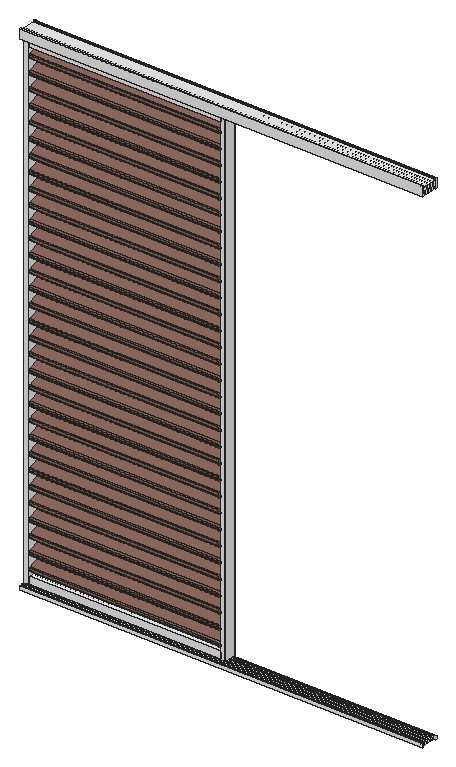
Revit family "Verano_V755_Nova_GM_R21", category Generic Models, Revit 2021
Family settings
  Can host rebar = No
  Round Connector Dimension = Use Diameter
  Part Type = Normal
  Work Plane-Based = No
  Always vertical = Yes
  Cut with Voids When Loaded = No
  Shared = No
  Room Calculation Point = No
Parameters (values of type "Wooden slats")
  Wooden Slats = yes
  Width [instance] = Overall Width Constraint  # 2000 mm
  URL = "www.verano.nl"
  Slat Material [instance] = V_Wood
  Panel Width Constraint [instance] = if(Panel Width < Minimal Panel Width, Minimal Panel Width, if(Panel Width > Maximal Panel Width, Maximal Panel Width, Panel Width))  # 1000 mm
  Panel Width [instance] = 1000 mm
  End Panel Center Offset [instance] = if(CLOSED, Overall Width Constraint - Panel Center Offset Constraint, Panel Center Offset Constraint)  # 500 mm
  Panel Center Offset Constraint [instance] = Panel Width Constraint / 2  # 500 mm
  Overall Width Input [instance] = 2000 mm
  Overall Width Constraint [instance] = Overall Width Input  # 2000 mm
  Overall Height Constraint [instance] = if(Input Height < Minimal Overall Height, Minimal Overall Height, if(Input Height > Maximal Overall Height, Maximal Overall Height, Input Height))  # 2500 mm
  Number of Fields [instance] = (Input Height - 134 mm) / 50 mm  # 47
  Model = "V755 Nova"
  Minimal Panel Width [instance] = 600 mm  # constant formula
  Minimal Overall Height [instance] = 1000 mm  # constant formula
  Maximal Panel Width [instance] = if(Aluminum Slats Angled, 1400 mm, 1100 mm)  # 1100 mm
  Maximal Overall Height [instance] = 3000 mm  # constant formula
  Manufacturer = "Verano Systems"
  Input Height [instance] = 2500 mm
  Height [instance] = Overall Height Constraint  # 2500 mm
  Frame Material [instance] = V_RAL 9016
  Default Elevation = 0 mm
  CLOSED [instance] = no
  Bottom Offset [instance] = 24 mm  # constant formula
  Aluminum Slats Angled = no
  Frame Height [instance] = Overall Height Constraint - 75 mm  # 2425 mm
  6 Track [instance] = no
  4 Track [instance] = not([6 Track])  # yes
  6 Track, Wooden Slats [instance] = if(and([6 Track], Wooden Slats), 1 = 1, 1 = 0)  # no
  6 Track, Al Slats Angled [instance] = if(and([6 Track], Aluminum Slats Angled), 1 = 1, 1 = 0)  # no
Types (2, lengths in mm): name | Wooden Slats | Maximal Panel Width | Aluminum Slats Angled
  Aluminium slats beveled | no | 1400 | yes
  Wooden slats | yes | 1100 | no
Reference planes
  plane 1 "Center (Front/Back)": y = 0
  plane 2: z = 0
  plane 3 "Center (Left/Right)": x = 0
  plane 4: x = 1000
  plane 5: x = -1000
  plane 6: z = 2500
  plane 7: y = -34
  plane 8: y = -110
  plane 9: x = -500
  plane 10: x = 500
Dimensions and locks
  equal spacing: plane 5, plane 3 "Center (Left/Right)", plane 4
  "Overall Width Constraint": plane 5 to plane 4
  "Overall Height Constraint": plane 6 to level
  locked: plane 7 to plane 1 "Center (Front/Back)" at 34
  locked: plane 8 to plane 7 at 76
  "Panel Center Offset Constraint": plane 5 to plane 9
  "End Panel Center Offset": plane 10 to plane 4
  nested 4 to nested 4 = 2425 mm
  aligned and locked: level to plane 2
  aligned and locked: plane 9 to nested 5
  aligned and locked: plane 9 to nested 3
  aligned and locked: plane 10 to nested 6
  aligned and locked: plane 10 to nested 4
  aligned and locked: plane 7 to nested 3
  aligned and locked: plane 8 to nested 4
  aligned and locked: plane 7 to nested 5
  aligned and locked: plane 8 to nested 6
Nested families
  nested 1: "Top Guides_GM" at (0, 0, 2500), built-in parameter 1001360 <- "Overall Height Constraint", type "Top Guides_GM"
    with 6 Track no
  nested 2: "Bottom Guides" at (0, 0, 0), type "Bottom Guides"
    with 6 Track no
  nested 3: "Sliding Frame_aluminium slats angled" at (-500, -34, 24), visible <- "Aluminum Slats Angled", type "Sliding Frame_aluminium slats angled"
  nested 4: "Sliding Frame_aluminium slats angled" at (500, -110, 24), visible <- "6 Track, Al Slats Angled", built-in parameter 1001364 <- "Bottom Offset", type "Sliding Frame_aluminium slats angled"
  nested 5: "Sliding Frame_Wooden Slats" at (-500, -34, 24), visible <- "Wooden Slats", built-in parameter 1001364 <- "Bottom Offset", type "Sliding Frame_Wooden Slats"
  nested 6: "Sliding Frame_Wooden Slats" at (500, -110, 24), visible <- "6 Track, Wooden Slats", built-in parameter 1001364 <- "Bottom Offset", type "Sliding Frame_Wooden Slats"
Definition of nested family "Top Guides_GM"
  Parameters
    Length = 2000 mm
    Frame Material = none
    Default Elevation = 0 mm
    6 Track = yes
    4 Track = yes
  Reference planes
    plane 1 "Center (Front/Back)": y = 0
    plane 2: z = 0
    plane 3 "Center (Left/Right)": x = 0
    plane 4: x = 1000
    plane 5: x = -1000
  Forms (mm)
    Extrusion 1, solid, material <- "Frame Material", visible <- "6 Track"
      sketch origin (0, 0, 0) x (0, 1, 0) y (0, 0, 1)
        loop
          line (125, 0) -> (120.8, 0) -> (120.8, -1.5) -> (122.8, -1.5) -> (122.8, -7) -> (2.2, -7) -> (2.2, -1.5) -> (4.2, -1.5) -> (4.2, 0) -> (0, 0) -> (0, -46) -> (7.5, -46) -> (7.5, -43.9) -> (6.4, -43.9) -> (6.4, -44.9) -> (2.2, -44.9) -> (2.2, -39.65) -> (6.4, -39.65) -> (6.4, -40.65) -> (7.5, -40.65) -> (7.5, -38.55) -> (2.2, -38.55) -> (2.2, -9.5) -> (23.6, -9.5) -> (23.6, -32.2) -> (22.5, -32.2) -> (22.5, -40.65) -> (23.6, -40.65) -> (23.6, -39.65) -> (24.9, -39.65) -> (24.9, -44.9) -> (23.6, -44.9) -> (23.6, -43.9) -> (22.5, -43.9) -> (22.5, -46) -> (26.5, -46) -> (26.5, -37.55) -> (25.4, -37.55) -> (25.4, -38.55) -> (24.1, -38.55) -> (24.1, -33.3) -> (25.4, -33.3) -> (25.4, -34.3) -> (26.5, -34.3) -> (26.5, -32.2) -> (25.4, -32.2) -> (25.4, -9.5) -> (42.6, -9.5) -> (42.6, -32.2) -> (41.5, -32.2) -> (41.5, -40.65) -> (42.6, -40.65) -> (42.6, -39.65) -> (43.9, -39.65) -> (43.9, -44.9) -> (42.6, -44.9) -> (42.6, -43.9) -> (41.5, -43.9) -> (41.5, -46) -> (45.5, -46) -> (45.5, -37.55) -> (44.4, -37.55) -> (44.4, -38.55) -> (43.1, -38.55) -> (43.1, -33.3) -> (44.4, -33.3) -> (44.4, -34.3) -> (45.5, -34.3) -> (45.5, -32.2) -> (44.4, -32.2) -> (44.4, -9.5) -> (61.6, -9.5) -> (61.6, -32.2) -> (60.5, -32.2) -> (60.5, -40.65) -> (61.6, -40.65) -> (61.6, -39.65) -> (62.9, -39.65) -> (62.9, -44.9) -> (61.6, -44.9) -> (61.6, -43.9) -> (60.5, -43.9) -> (60.5, -46) -> (64.5, -46) -> (64.5, -37.55) -> (63.4, -37.55) -> (63.4, -38.55) -> (62.1, -38.55) -> (62.1, -33.3) -> (63.4, -33.3) -> (63.4, -34.3) -> (64.5, -34.3) -> (64.5, -32.2) -> (63.4, -32.2) -> (63.4, -9.5) -> (80.6, -9.5) -> (80.6, -32.2) -> (79.5, -32.2) -> (79.5, -40.65) -> (80.6, -40.65) -> (80.6, -39.65) -> (81.9, -39.65) -> (81.9, -44.9) -> (80.6, -44.9) -> (80.6, -43.9) -> (79.5, -43.9) -> (79.5, -46) -> (83.5, -46) -> (83.5, -37.55) -> (82.4, -37.55) -> (82.4, -38.55) -> (81.1, -38.55) -> (81.1, -33.3) -> (82.4, -33.3) -> (82.4, -34.3) -> (83.5, -34.3) -> (83.5, -32.2) -> (82.4, -32.2) -> (82.4, -9.5) -> (99.6, -9.5) -> (99.6, -32.2) -> (98.5, -32.2) -> (98.5, -40.65) -> (99.6, -40.65) -> (99.6, -39.65) -> (100.9, -39.65) -> (100.9, -44.9) -> (99.6, -44.9) -> (99.6, -43.9) -> (98.5, -43.9) -> (98.5, -46) -> (102.5, -46) -> (102.5, -37.55) -> (101.4, -37.55) -> (101.4, -38.55) -> (100.1, -38.55) -> (100.1, -33.3) -> (101.4, -33.3) -> (101.4, -34.3) -> (102.5, -34.3) -> (102.5, -32.2) -> (101.4, -32.2) -> (101.4, -9.5) -> (122.8, -9.5) -> (122.8, -38.55) -> (117.5, -38.55) -> (117.5, -40.65) -> (118.6, -40.65) -> (118.6, -39.65) -> (122.8, -39.65) -> (122.8, -44.9) -> (118.6, -44.9) -> (118.6, -43.9) -> (117.5, -43.9) -> (117.5, -46) -> (125, -46) -> (125, 0)
      from -1000 to 1000
    Extrusion 2, solid, material <- "Frame Material", visible <- "4 Track"
      sketch origin (0, 0, 0) x (0, 1, 0) y (0, 0, 1)
        loop
          line (2.2, -7) -> (2.2, -1.5) -> (4.2, -1.5) -> (4.2, 0) -> (0, 0) -> (0, -46) -> (7.5, -46) -> (7.5, -43.9) -> (6.4, -43.9) -> (6.4, -44.9) -> (2.2, -44.9) -> (2.2, -39.65) -> (6.4, -39.65) -> (6.4, -40.65) -> (7.5, -40.65) -> (7.5, -38.55) -> (2.2, -38.55) -> (2.2, -9.5) -> (23.6, -9.5) -> (23.6, -32.2) -> (22.5, -32.2) -> (22.5, -40.65) -> (23.6, -40.65) -> (23.6, -39.65) -> (24.9, -39.65) -> (24.9, -44.9) -> (23.6, -44.9) -> (23.6, -43.9) -> (22.5, -43.9) -> (22.5, -46) -> (26.5, -46) -> (26.5, -37.55) -> (25.4, -37.55) -> (25.4, -38.55) -> (24.1, -38.55) -> (24.1, -33.3) -> (25.4, -33.3) -> (25.4, -34.3) -> (26.5, -34.3) -> (26.5, -32.2) -> (25.4, -32.2) -> (25.4, -9.5) -> (42.6, -9.5) -> (42.6, -32.2) -> (41.5, -32.2) -> (41.5, -40.65) -> (42.6, -40.65) -> (42.6, -39.65) -> (43.9, -39.65) -> (43.9, -44.9) -> (42.6, -44.9) -> (42.6, -43.9) -> (41.5, -43.9) -> (41.5, -46) -> (45.5, -46) -> (45.5, -37.55) -> (44.4, -37.55) -> (44.4, -38.55) -> (43.1, -38.55) -> (43.1, -33.3) -> (44.4, -33.3) -> (44.4, -34.3) -> (45.5, -34.3) -> (45.5, -32.2) -> (44.4, -32.2) -> (44.4, -9.5) -> (61.6, -9.5) -> (61.6, -32.2) -> (60.5, -32.2) -> (60.5, -40.65) -> (61.6, -40.65) -> (61.6, -39.65) -> (62.9, -39.65) -> (62.9, -44.9) -> (61.6, -44.9) -> (61.6, -43.9) -> (60.5, -43.9) -> (60.5, -46) -> (64.5, -46) -> (64.5, -37.55) -> (63.4, -37.55) -> (63.4, -38.55) -> (62.1, -38.55) -> (62.1, -33.3) -> (63.4, -33.3) -> (63.4, -34.3) -> (64.5, -34.3) -> (64.5, -32.2) -> (63.4, -32.2) -> (63.4, -9.5) -> (84.8, -9.5) -> (84.8, -38.55) -> (79.5, -38.55) -> (79.5, -40.65) -> (80.6, -40.65) -> (80.6, -39.65) -> (84.8, -39.65) -> (84.8, -44.9) -> (80.6, -44.9) -> (80.6, -43.9) -> (79.5, -43.9) -> (79.5, -46) -> (87, -46) -> (87, 0) -> (82.8, 0) -> (82.8, -1.5) -> (84.8, -1.5) -> (84.8, -7) -> (2.2, -7)
      from -1000 to 1000
  Dimensions and locks
    equal spacing: plane 5, plane 3 "Center (Left/Right)", plane 4
    "Length": plane 5 to plane 4
    aligned and locked: level to plane 2
    aligned and locked: Extrusion 1 to plane 5
    aligned and locked: plane 4 to Extrusion 1
    aligned and locked: Extrusion 2 to plane 5
    aligned and locked: plane 4 to Extrusion 2
  Automatic sketch dimensions
    Extrusion 1 sketch curve to level = 0 mm  (x2)
    Extrusion 1 sketch curve to Extrusion 1 sketch curve = 0 mm  (x25)
    Extrusion 1 sketch curve to Extrusion 1 sketch curve = 0.5 mm  (x10)
    Extrusion 1 sketch curve to Extrusion 1 sketch curve = 1.3 mm  (x12)
    Extrusion 1 sketch curve to level = 9.5 mm  (x6)
    Extrusion 1 sketch curve to Extrusion 1 sketch curve = 1.1 mm  (x49)
    Extrusion 1 sketch curve to Extrusion 1 sketch curve = 15 mm  (x5)
    Extrusion 1 sketch curve to Extrusion 1 sketch curve = 1.6 mm  (x4)
    Extrusion 1 sketch curve to Extrusion 1 sketch curve = 17.2 mm  (x3)
    Extrusion 1 sketch curve to Extrusion 1 sketch curve = 1.8 mm  (x4)
    Extrusion 1 sketch curve to plane 1 "Center (Front/Back)" = 7.5 mm
    Extrusion 1 sketch curve to level = 1.5 mm  (x2)
    Extrusion 1 sketch curve to plane 1 "Center (Front/Back)" = 4.2 mm
    Extrusion 1 sketch curve to plane 1 "Center (Front/Back)" = 2.2 mm  (x4)
    Extrusion 1 sketch curve to Extrusion 1 sketch curve = 2 mm  (x2)
    Extrusion 1 sketch curve to plane 1 "Center (Front/Back)" = 0 mm  (x2)
    Extrusion 1 sketch curve to level = 32.2 mm  (x2)
    Extrusion 1 sketch curve to level = 37.55 mm
    Extrusion 1 sketch curve to level = 7 mm
    Extrusion 1 sketch curve to Extrusion 1 sketch curve = 21.4 mm
    Extrusion 1 sketch curve to Extrusion 1 sketch curve = 2.2 mm  (x2)
    Extrusion 1 sketch curve to Extrusion 1 sketch curve = 9.6 mm
    Extrusion 1 sketch curve to Extrusion 1 sketch curve = 1 mm  (x23)
    Extrusion 1 sketch curve to Extrusion 1 sketch curve = 10.6 mm  (x3)
    Extrusion 1 sketch curve to Extrusion 1 sketch curve = 7.35 mm
    Extrusion 1 sketch curve to Extrusion 1 sketch curve = 3.25 mm  (x7)
    Extrusion 1 sketch curve to Extrusion 1 sketch curve = 2.5 mm
    Extrusion 1 sketch curve to Extrusion 1 sketch curve = 4.2 mm  (x3)
    Extrusion 1 sketch curve to Extrusion 1 sketch curve = 2.1 mm
    Extrusion 1 sketch curve to level = 38.55 mm
    Extrusion 1 sketch curve to level = 39.65 mm
    Extrusion 1 sketch curve to Extrusion 1 sketch curve = 36.5 mm
    Extrusion 2 sketch curve to level = 0 mm  (x2)
    Extrusion 2 sketch curve to plane 1 "Center (Front/Back)" = 0 mm
    Extrusion 2 sketch curve to plane 1 "Center (Front/Back)" = 2.2 mm  (x2)
    Extrusion 2 sketch curve to Extrusion 2 sketch curve = 0 mm  (x15)
    Extrusion 2 sketch curve to Extrusion 2 sketch curve = 2 mm  (x2)
    Extrusion 2 sketch curve to Extrusion 2 sketch curve = 4.2 mm  (x2)
    Extrusion 2 sketch curve to Extrusion 2 sketch curve = 1.1 mm  (x29)
    Extrusion 2 sketch curve to Extrusion 2 sketch curve = 15 mm  (x4)
    Extrusion 2 sketch curve to Extrusion 2 sketch curve = 0.5 mm  (x5)
    Extrusion 2 sketch curve to Extrusion 2 sketch curve = 1.3 mm  (x7)
    Extrusion 2 sketch curve to Extrusion 2 sketch curve = 1.8 mm  (x3)
    Extrusion 2 sketch curve to Extrusion 2 sketch curve = 1.6 mm  (x3)
    Extrusion 2 sketch curve to Extrusion 2 sketch curve = 17.2 mm
    level to Extrusion 2 sketch curve = 0 mm
    Extrusion 2 sketch curve to Extrusion 2 sketch curve = 2.2 mm
    Extrusion 2 sketch curve to level = 1.5 mm  (x2)
    Extrusion 2 sketch curve to Extrusion 2 sketch curve = 1.5 mm
    Extrusion 2 sketch curve to Extrusion 2 sketch curve = 5.5 mm  (x2)
    Extrusion 2 sketch curve to Extrusion 2 sketch curve = 2.5 mm  (x2)
    Extrusion 2 sketch curve to level = 9.5 mm  (x3)
    Extrusion 2 sketch curve to Extrusion 2 sketch curve = 22.7 mm
    Extrusion 2 sketch curve to Extrusion 2 sketch curve = 1 mm  (x17)
    Extrusion 2 sketch curve to Extrusion 2 sketch curve = 3.25 mm  (x8)
    Extrusion 2 sketch curve to Extrusion 2 sketch curve = 6.35 mm
Definition of nested family "Bottom Guides"
  Parameters (values of type "Bottom Guides")
    Length = 2000 mm
    Frame Material = none
    Default Elevation = 0 mm
    6 Track = yes
    4 Track = yes
  Reference planes
    plane 1 "Center (Front/Back)": y = 0
    plane 2: z = 0
    plane 3 "Center (Left/Right)": x = 0
    plane 4: x = 1000
    plane 5: x = -1000
  Forms (mm)
    Extrusion 1, solid, material <- "Frame Material", visible <- "4 Track"
      sketch origin (0, -87.297, 0) x (0, 1, 0) y (0, 0, 1)
        loop
          line (32.75, 9.088) -> (16.25, 8.8) -> (16.25, 16.75) -> (17.5, 16.75) -> (17.5, 18.658)
          arc (17.5, 18.658) -> (15, 20) -> (12.5, 18.658) r 3
          line (12.5, 18.658) -> (12.5, 16.75) -> (13.75, 16.75) -> (13.75, 8.756) -> (2, 8.551) -> (2, 17) -> (0, 17) -> (0, 0) -> (2.25, 0) -> (4.25, 2) -> (2, 2) -> (2, 6.051) -> (85, 7.5) -> (85, 2) -> (82.75, 2) -> (84.75, 0) -> (87.297, 0) -> (87, 17) -> (85.021, 17) -> (85.021, 10) -> (73.25, 9.795) -> (73.25, 16.75) -> (74.5, 16.75) -> (74.5, 18.658)
          arc (74.5, 18.658) -> (72, 20) -> (69.5, 18.658) r 3
          line (69.5, 18.658) -> (69.5, 16.75) -> (70.75, 16.75) -> (70.75, 9.751) -> (54.25, 9.463) -> (54.25, 16.75) -> (55.5, 16.75) -> (55.5, 18.658)
          arc (55.5, 18.658) -> (53, 20) -> (50.5, 18.658) r 3
          line (50.5, 18.658) -> (50.5, 16.75) -> (51.75, 16.75) -> (51.75, 9.42) -> (35.25, 9.132) -> (35.25, 16.75) -> (36.5, 16.75) -> (36.5, 18.658)
          arc (36.5, 18.658) -> (34, 20) -> (31.5, 18.658) r 3
          line (31.5, 18.658) -> (31.5, 16.75) -> (32.75, 16.75) -> (32.75, 9.088)
      from -1000 to 1000
    Extrusion 2, solid, material <- "Frame Material", visible <- "6 Track"
      sketch origin (0, -125.197, 0) x (0, 1, 0) y (0, 0, 1)
        loop
          line (123, 10) -> (111.25, 9.795) -> (111.25, 16.75) -> (112.5, 16.75) -> (112.5, 18.658)
          arc (112.5, 18.658) -> (110, 20) -> (107.5, 18.658) r 3
          line (107.5, 18.658) -> (107.5, 16.75) -> (108.75, 16.75) -> (108.75, 9.751) -> (92.25, 9.463) -> (92.25, 16.75) -> (93.5, 16.75) -> (93.5, 18.658)
          arc (93.5, 18.658) -> (91, 20) -> (88.5, 18.658) r 3
          line (88.5, 18.658) -> (88.5, 16.75) -> (89.75, 16.75) -> (89.75, 9.42) -> (73.25, 9.132) -> (73.25, 16.75) -> (74.5, 16.75) -> (74.5, 18.658)
          arc (74.5, 18.658) -> (72, 20) -> (69.5, 18.658) r 3
          line (69.5, 18.658) -> (69.5, 16.75) -> (70.75, 16.75) -> (70.75, 9.088) -> (54.25, 8.8) -> (54.25, 16.75) -> (55.5, 16.75) -> (55.5, 18.658)
          arc (55.5, 18.658) -> (53, 20) -> (50.5, 18.658) r 3
          line (50.5, 18.658) -> (50.5, 16.75) -> (51.75, 16.75) -> (51.75, 8.756) -> (35.25, 8.468) -> (35.25, 16.75) -> (36.5, 16.75) -> (36.5, 18.658)
          arc (36.5, 18.658) -> (34, 20) -> (31.5, 18.658) r 3
          line (31.5, 18.658) -> (31.5, 16.75) -> (32.75, 16.75) -> (32.75, 8.425) -> (16.25, 8.137) -> (16.25, 16.75) -> (17.5, 16.75) -> (17.5, 18.658)
          arc (17.5, 18.658) -> (15, 20) -> (12.5, 18.658) r 3
          line (12.5, 18.658) -> (12.5, 16.75) -> (13.75, 16.75) -> (13.75, 8.093) -> (2, 7.888) -> (2, 17) -> (0, 17) -> (0, 0.009) -> (2.25, 0.009) -> (4.25, 2.009) -> (2, 2.009) -> (2, 5.388) -> (123, 7.5) -> (123, 2) -> (120.75, 2) -> (122.75, 0) -> (125.197, 0) -> (124.9, 17) -> (123, 17) -> (123, 10)
      from -1000 to 1000
  Dimensions and locks
    equal spacing: plane 5, plane 3 "Center (Left/Right)", plane 4
    "Length": plane 5 to plane 4
    aligned and locked: level to plane 2
    aligned and locked: Extrusion 1 to plane 5
    aligned and locked: plane 4 to Extrusion 1
    aligned and locked: Extrusion 2 to plane 5
    aligned and locked: plane 4 to Extrusion 2
  Automatic sketch dimensions
    Extrusion 1 sketch curve to level = 0 mm  (x2)
    plane 1 "Center (Front/Back)" to Extrusion 1 sketch curve = 87.297 mm  (x2)
    plane 1 "Center (Front/Back)" to Extrusion 1 sketch curve = 85.297 mm  (x2)
    Extrusion 1 sketch curve to Extrusion 1 sketch curve = 0.25 mm  (x6)
    Extrusion 1 sketch curve to Extrusion 1 sketch curve = 2.25 mm
    Extrusion 1 sketch curve to Extrusion 1 sketch curve = 10.5 mm
    Extrusion 1 sketch curve to Extrusion 1 sketch curve = 1.25 mm  (x16)
    Extrusion 1 sketch curve to Extrusion 1 sketch curve = 0 mm  (x8)
    Extrusion 1 sketch curve to Extrusion 1 sketch curve = 2.5 mm  (x4)
    Extrusion 1 sketch curve to Extrusion 1 sketch curve = 14 mm  (x3)
    level to Extrusion 1 sketch curve = 9.463 mm
    level to Extrusion 1 sketch curve = 16.75 mm  (x2)
    level to Extrusion 1 sketch curve = 18.658 mm  (x2)
    level to Extrusion 1 sketch curve = 9.751 mm
    level to Extrusion 1 sketch curve = 9.795 mm
    level to Extrusion 1 sketch curve = 2 mm  (x2)
    Extrusion 1 sketch curve to Extrusion 1 sketch curve = 9.5 mm
    Extrusion 1 sketch curve to Extrusion 1 sketch curve = 2 mm
    level to Extrusion 1 sketch curve = 7.5 mm
    level to Extrusion 1 sketch curve = 10 mm
    Extrusion 1 sketch curve to Extrusion 1 sketch curve = 0.021 mm
    Extrusion 1 sketch curve to Extrusion 1 sketch curve = 2.547 mm
    Extrusion 1 sketch curve to Extrusion 1 sketch curve = 4.051 mm
    level to Extrusion 1 sketch curve = 8.756 mm
    Extrusion 1 sketch curve to Extrusion 1 sketch curve = 0.044 mm  (x3)
    level to Extrusion 1 sketch curve = 9.088 mm
    Extrusion 1 sketch curve to Extrusion 1 sketch curve = 7.994 mm
    Extrusion 1 sketch curve to Extrusion 1 sketch curve = 7.662 mm
    Extrusion 1 sketch curve to Extrusion 1 sketch curve = 7.287 mm
    Extrusion 1 sketch curve to Extrusion 1 sketch curve = 8.449 mm
    Extrusion 1 sketch curve to Extrusion 1 sketch curve = 1.908 mm  (x3)
    Extrusion 1 sketch curve to Extrusion 1 sketch curve = 1.979 mm
    Extrusion 1 sketch curve to Extrusion 1 sketch curve = 7 mm
    plane 1 "Center (Front/Back)" to Extrusion 2 sketch curve = 125.197 mm  (x2)
    plane 1 "Center (Front/Back)" to Extrusion 2 sketch curve = 123.197 mm  (x2)
    level to Extrusion 2 sketch curve = 0.009 mm
    Extrusion 2 sketch curve to Extrusion 2 sketch curve = 0.25 mm  (x8)
    level to Extrusion 2 sketch curve = 2.009 mm
    Extrusion 2 sketch curve to Extrusion 2 sketch curve = 2.25 mm  (x2)
    Extrusion 2 sketch curve to Extrusion 2 sketch curve = 10.5 mm  (x2)
    Extrusion 2 sketch curve to Extrusion 2 sketch curve = 1.25 mm  (x23)
    Extrusion 2 sketch curve to Extrusion 2 sketch curve = 2.5 mm  (x14)
    Extrusion 2 sketch curve to Extrusion 2 sketch curve = 14 mm  (x5)
    level to Extrusion 2 sketch curve = 8.425 mm
    level to Extrusion 2 sketch curve = 8.468 mm
    level to Extrusion 2 sketch curve = 18.658 mm  (x4)
    level to Extrusion 2 sketch curve = 8.756 mm
    level to Extrusion 2 sketch curve = 9.132 mm
    level to Extrusion 2 sketch curve = 9.42 mm
    level to Extrusion 2 sketch curve = 9.463 mm
    level to Extrusion 2 sketch curve = 9.751 mm
    level to Extrusion 2 sketch curve = 9.795 mm
    level to Extrusion 2 sketch curve = 2 mm
    Extrusion 2 sketch curve to Extrusion 2 sketch curve = 9.5 mm
    Extrusion 2 sketch curve to level = 0 mm
    Extrusion 2 sketch curve to Extrusion 2 sketch curve = 2 mm
    level to Extrusion 2 sketch curve = 7.5 mm
    level to Extrusion 2 sketch curve = 10 mm
    Extrusion 2 sketch curve to Extrusion 2 sketch curve = 0 mm  (x4)
    level to Extrusion 2 sketch curve = 17 mm
    Extrusion 2 sketch curve to Extrusion 2 sketch curve = 1.9 mm
    Extrusion 2 sketch curve to Extrusion 2 sketch curve = 2.447 mm
    Extrusion 2 sketch curve to Extrusion 2 sketch curve = 3.379 mm
    level to Extrusion 2 sketch curve = 8.093 mm
    Extrusion 2 sketch curve to Extrusion 2 sketch curve = 0.044 mm  (x3)
    Extrusion 2 sketch curve to Extrusion 2 sketch curve = 1.658 mm  (x6)
    Extrusion 2 sketch curve to Extrusion 2 sketch curve = 8.2 mm
    Extrusion 2 sketch curve to Extrusion 2 sketch curve = 9.112 mm
    Extrusion 2 sketch curve to Extrusion 2 sketch curve = 8.863 mm
    level to Extrusion 2 sketch curve = 16.75 mm  (x7)
    Extrusion 2 sketch curve to Extrusion 2 sketch curve = 1.908 mm
Definition of nested family "Sliding Frame_aluminium slats angled"
  Parameters (values of type "Sliding Frame_aluminium slats angled")
    Width = 1000 mm
    Slat Number Constraint = if(Number of Slats < Minimal Number of Slats, Minimal Number of Slats, if(Number of Slats > Maximal Number of Slats, Maximal Number of Slats, Number of Slats))  # 30
    Slat Distance = 78 mm  # constant formula
    Number of Slats = (Frame Height - 2 * Slat Distance) / Slat Distance + 1  # 30
    Number of Fields = Number of Slats + 1  # 31
    Minimal Number of Slats = 12  # constant formula
    Maximal Number of Slats = 52  # constant formula
    Horizontal Profile Length = Width - 2 * 23 mm  # 954 mm
    Frame Material = none
    Frame Height = 2425 mm
    Default Elevation = 0 mm
    Bottom Slat Offset = 78 mm  # constant formula
  Reference planes
    plane 1 "Center (Front/Back)": y = 0
    plane 2: z = 0
    plane 3 "Center (Left/Right)": x = 0
    plane 4: x = 500
    plane 5: x = -500
    plane 6: z = 2425
    plane 7: z = 78
    plane 8: z = 2353
    plane 9: z = 156
  Dimensions and locks
    equal spacing: plane 5, plane 3 "Center (Left/Right)", plane 4
    "Width": plane 5 to plane 4
    "Frame Height": plane 6 to level
    "Bottom Slat Offset": plane 7 to level
    equal spacing: group 1, group 2, group 3, group 4, group 5, group 6, group 7, group 8, group 9, group 10, group 11, group 12, group 13, group 14, group 15, group 16, group 17, group 18, group 19, group 20, group 21, group 22, group 23, group 24, group 25, group 26, group 27, group 28, group 29, group 30  (x3)
    "Slat Distance": plane 9 to plane 7
    aligned and locked: level to plane 2
    aligned and locked: plane 1 "Center (Front/Back)" to nested 1
    aligned and locked: plane 5 to nested 1
    aligned and locked: nested 2 to plane 1 "Center (Front/Back)"
    aligned and locked: plane 4 to nested 2
    aligned and locked: plane 3 "Center (Left/Right)" to nested 3
    aligned and locked: plane 1 "Center (Front/Back)" to nested 3
    aligned and locked: plane 3 "Center (Left/Right)" to nested 4
    aligned and locked: plane 1 "Center (Front/Back)" to nested 4
    aligned and locked: plane 7 to nested 5
    aligned and locked: plane 1 "Center (Front/Back)" to nested 5
    aligned and locked: plane 3 "Center (Left/Right)" to nested 5
    aligned and locked: plane 3 "Center (Left/Right)" to nested 6
    aligned and locked: plane 9 to nested 6
  Nested families
    nested 1: "Vertical Profile" at (-500, 0, 0), type "Vertical Profile"
      with Length 2425 mm
    nested 2: "Vertical Profile" at (500, 0, 0) x (-1, 0, 0) z (0, 0, 1), type "Vertical Profile"
      with Length 2425 mm
    nested 3: "Horizontal Profile_Bottom" at (0, 0, 0), type "Horizontal Profile_Bottom"
      with Length 954 mm
    nested 4: "Horizontal Profile_Top" at (0, 0, 2425), built-in parameter 1001364 <- "Frame Height", type "Horizontal Profile_Top"
      with Length 954 mm
    nested 5: "Aluminium Slats Angled" at (0, 0, 78), type "Aluminium Slats Angled"
    nested 6: "Aluminium Slats Angled" at (0, 0, 156), type "Aluminium Slats Angled"
    nested 7: "Aluminium Slats Angled" at (0, 0, 234), type "Aluminium Slats Angled"
    nested 8: "Aluminium Slats Angled" at (0, 0, 312), type "Aluminium Slats Angled"
    nested 9: "Aluminium Slats Angled" at (0, 0, 390), type "Aluminium Slats Angled"
    nested 10: "Aluminium Slats Angled" at (0, 0, 468), type "Aluminium Slats Angled"
    nested 11: "Aluminium Slats Angled" at (0, 0, 546), type "Aluminium Slats Angled"
    nested 12: "Aluminium Slats Angled" at (0, 0, 624), type "Aluminium Slats Angled"
    nested 13: "Aluminium Slats Angled" at (0, 0, 702), type "Aluminium Slats Angled"
    nested 14: "Aluminium Slats Angled" at (0, 0, 780), type "Aluminium Slats Angled"
    nested 15: "Aluminium Slats Angled" at (0, 0, 858), type "Aluminium Slats Angled"
    nested 16: "Aluminium Slats Angled" at (0, 0, 936), type "Aluminium Slats Angled"
    nested 17: "Aluminium Slats Angled" at (0, 0, 1014), type "Aluminium Slats Angled"
    nested 18: "Aluminium Slats Angled" at (0, 0, 1092), type "Aluminium Slats Angled"
    nested 19: "Aluminium Slats Angled" at (0, 0, 1170), type "Aluminium Slats Angled"
    nested 20: "Aluminium Slats Angled" at (0, 0, 1248), type "Aluminium Slats Angled"
    nested 21: "Aluminium Slats Angled" at (0, 0, 1326), type "Aluminium Slats Angled"
    nested 22: "Aluminium Slats Angled" at (0, 0, 1404), type "Aluminium Slats Angled"
    nested 23: "Aluminium Slats Angled" at (0, 0, 1482), type "Aluminium Slats Angled"
    nested 24: "Aluminium Slats Angled" at (0, 0, 1560), type "Aluminium Slats Angled"
    nested 25: "Aluminium Slats Angled" at (0, 0, 1638), type "Aluminium Slats Angled"
    nested 26: "Aluminium Slats Angled" at (0, 0, 1716), type "Aluminium Slats Angled"
    nested 27: "Aluminium Slats Angled" at (0, 0, 1794), type "Aluminium Slats Angled"
    nested 28: "Aluminium Slats Angled" at (0, 0, 1872), type "Aluminium Slats Angled"
    nested 29: "Aluminium Slats Angled" at (0, 0, 1950), type "Aluminium Slats Angled"
    nested 30: "Aluminium Slats Angled" at (0, 0, 2028), type "Aluminium Slats Angled"
    nested 31: "Aluminium Slats Angled" at (0, 0, 2106), type "Aluminium Slats Angled"
    nested 32: "Aluminium Slats Angled" at (0, 0, 2184), type "Aluminium Slats Angled"
    nested 33: "Aluminium Slats Angled" at (0, 0, 2262), type "Aluminium Slats Angled"
    nested 34: "Aluminium Slats Angled" at (0, 0, 2340), type "Aluminium Slats Angled"
  Definition of nested family "Vertical Profile"
    Parameters
      Length = 250 mm
      Frame Material = none
      Default Elevation = 0 mm
    Reference planes
      plane 1 "Center (Front/Back)": y = 0
      plane 2: z = 0
      plane 3 "Center (Left/Right)": x = 0
    Forms (mm)
      Extrusion 1, solid, material <- "Frame Material"
        sketch origin (0, 0, 0) x (1, 0, 0) y (0, 1, 0)
          loop
            line (22.517, 30.056) -> (0.017, 30.056) -> (0.017, 28.063) -> (1.8, 27.748) -> (1.8, 26.718) -> (0, 26.561) -> (0, -26.561) -> (1.8, -26.718) -> (1.8, -27.637) -> (0.017, -27.952) -> (0.017, -29.944) -> (22.517, -29.944) -> (22.517, 30.056)
        from 0 to 250 <- "Length"
    Dimensions and locks
      aligned and locked: level to plane 2
  Definition of nested family "Horizontal Profile_Bottom"
    Parameters
      Length = 600 mm
      Frame Material = none
      Default Elevation = 0 mm
    Reference planes
      plane 1 "Center (Front/Back)": y = 0
      plane 2: z = 0
      plane 3 "Center (Left/Right)": x = 0
      plane 4: x = -300
      plane 5: x = 300
    Forms (mm)
      Extrusion 1, solid, material <- "Frame Material"
        sketch origin (0, 0, 0) x (0, 1, 0) y (0, 0, 1)
          loop
            line (27, 35) -> (-27, 35) -> (-27, 0) -> (-7.975, 0) -> (-7.975, -5.8) -> (-6.375, -5.8) -> (-6.375, 0.7) -> (-4.25, 0.7) -> (-4.25, 2.5) -> (-6.375, 2.5) -> (-6.375, 28.4) -> (-7.7, 28.4) -> (-7.7, 32.4) -> (-3.5, 32.4) -> (-3.5, 31) -> (3.5, 31) -> (3.5, 32.4) -> (7.7, 32.4) -> (7.7, 28.4) -> (6.375, 28.4) -> (6.375, 2.5) -> (4.25, 2.5) -> (4.25, 0.7) -> (6.375, 0.7) -> (6.375, -5.8) -> (7.975, -5.8) -> (7.975, 0) -> (27, 0) -> (27, 35)
        from -300 to 300
    Dimensions and locks
      equal spacing: plane 4, plane 3 "Center (Left/Right)", plane 5
      "Length": plane 4 to plane 5
      aligned and locked: level to plane 2
      aligned and locked: Extrusion 1 to plane 4
      aligned and locked: plane 5 to Extrusion 1
    Automatic sketch dimensions
      Extrusion 1 sketch curve to level = 0 mm  (x2)
      plane 1 "Center (Front/Back)" to Extrusion 1 sketch curve = 27 mm
      level to Extrusion 1 sketch curve = 0 mm
      plane 1 "Center (Front/Back)" to Extrusion 1 sketch curve = 7.975 mm
      plane 1 "Center (Front/Back)" to Extrusion 1 sketch curve = 7.7 mm
      Extrusion 1 sketch curve to Extrusion 1 sketch curve = 1.6 mm  (x2)
      Extrusion 1 sketch curve to Extrusion 1 sketch curve = 0 mm  (x3)
      Extrusion 1 sketch curve to Extrusion 1 sketch curve = 2.125 mm
      plane 1 "Center (Front/Back)" to Extrusion 1 sketch curve = 3.5 mm
      Extrusion 1 sketch curve to plane 1 "Center (Front/Back)" = 3.5 mm
      Extrusion 1 sketch curve to plane 1 "Center (Front/Back)" = 4.25 mm
      Extrusion 1 sketch curve to Extrusion 1 sketch curve = 2.875 mm
      level to Extrusion 1 sketch curve = 0.7 mm  (x2)
      Extrusion 1 sketch curve to Extrusion 1 sketch curve = 1.325 mm
      Extrusion 1 sketch curve to Extrusion 1 sketch curve = 19.025 mm
      Extrusion 1 sketch curve to Extrusion 1 sketch curve = 19.3 mm
      Extrusion 1 sketch curve to level = 5.8 mm  (x2)
      Extrusion 1 sketch curve to Extrusion 1 sketch curve = 1.8 mm  (x2)
      Extrusion 1 sketch curve to Extrusion 1 sketch curve = 25.9 mm
      Extrusion 1 sketch curve to Extrusion 1 sketch curve = 2.6 mm  (x3)
      Extrusion 1 sketch curve to Extrusion 1 sketch curve = 4 mm  (x2)
  Definition of nested family "Horizontal Profile_Top"
    Parameters
      Length = 600 mm
      Frame Material = none
      Default Elevation = 0 mm
    Reference planes
      plane 1 "Center (Front/Back)": y = 0
      plane 2: z = 0
      plane 3 "Center (Left/Right)": x = 0
      plane 4: x = -300
      plane 5: x = 300
    Forms (mm)
      Extrusion 1, solid, material <- "Frame Material"
        sketch origin (0, 0, 0) x (0, 1, 0) y (0, 0, 1)
          loop
            line (27, 0) -> (4, 0) -> (4, 18) -> (2.2, 18) -> (2.2, 0) -> (-2.2, 0) -> (-2.2, 18) -> (-4, 18) -> (-4, 0) -> (-27, 0) -> (-27, -35) -> (27, -35) -> (27, 0)
        from -300 to 300
    Dimensions and locks
      equal spacing: plane 4, plane 3 "Center (Left/Right)", plane 5
      "Length": plane 4 to plane 5
      aligned and locked: level to plane 2
      aligned and locked: Extrusion 1 to plane 4
      aligned and locked: plane 5 to Extrusion 1
    Automatic sketch dimensions
      Extrusion 1 sketch curve to level = 0 mm  (x3)
      plane 1 "Center (Front/Back)" to Extrusion 1 sketch curve = 27 mm
      plane 1 "Center (Front/Back)" to Extrusion 1 sketch curve = 4 mm
      Extrusion 1 sketch curve to Extrusion 1 sketch curve = 1.8 mm  (x2)
      Extrusion 1 sketch curve to plane 1 "Center (Front/Back)" = 2.2 mm
      Extrusion 1 sketch curve to Extrusion 1 sketch curve = 23 mm
      Extrusion 1 sketch curve to level = 35 mm
      level to Extrusion 1 sketch curve = 18 mm
      Extrusion 1 sketch curve to Extrusion 1 sketch curve = 0 mm
  Definition of nested family "Aluminium Slats Angled"
    Parameters (values of type "Aluminium Slats Angled")
      Length = 954 mm
      Frame Material = none
      Default Elevation = 0 mm
    Reference planes
      plane 1 "Center (Front/Back)": y = 0
      plane 2: z = 0
      plane 3 "Center (Left/Right)": x = 0
      plane 4: x = 477
      plane 5: x = -477
    Forms (mm)
      Extrusion 1, solid, material <- "Frame Material"
        sketch origin (0, 0, 0) x (0, 1, 0) y (0, 0, 1)
          loop
            line (-17.804, -9.318) -> (-17.804, -26.289) -> (17.796, 9.311) -> (17.796, 26.282) -> (-17.804, -9.318)
          loop
            line (16.496, 23.143) -> (-16.504, -9.857) -> (-16.504, -23.15) -> (16.496, 9.85) -> (16.496, 23.143)
        from -477 to 477
    Dimensions and locks
      equal spacing: plane 5, plane 3 "Center (Left/Right)", plane 4
      "Length": plane 5 to plane 4
      aligned and locked: level to plane 2
      aligned and locked: Extrusion 1 to plane 5
      aligned and locked: plane 4 to Extrusion 1
    Automatic sketch dimensions
      Extrusion 1 sketch curve to level = 9.318 mm
      Extrusion 1 sketch curve to plane 1 "Center (Front/Back)" = 17.796 mm
      Extrusion 1 sketch curve to Extrusion 1 sketch curve = 16.971 mm
      level to Extrusion 1 sketch curve = 26.282 mm
      level to Extrusion 1 sketch curve = 9.311 mm
      Extrusion 1 sketch curve to Extrusion 1 sketch curve = 1.3 mm  (x2)
      Extrusion 1 sketch curve to Extrusion 1 sketch curve = 0.538 mm  (x2)
      Extrusion 1 sketch curve to Extrusion 1 sketch curve = 3.138 mm
      plane 1 "Center (Front/Back)" to Extrusion 1 sketch curve = 16.504 mm
      Extrusion 1 sketch curve to Extrusion 1 sketch curve = 13.832 mm
Definition of nested family "Sliding Frame_Wooden Slats"
  Parameters (values of type "Sliding Frame_Wooden Slats")
    Width = 1000 mm
    Top Slat Offset = 78 mm
    Slat Number Constraint = if(Number of Slats < Minimal Number of Slats, Minimal Number of Slats, if(Number of Slats > Maximal Number of Slats, Maximal Number of Slats, Number of Slats))  # 32
    Slat Material = none
    Slat Distance = 73.7 mm  # constant formula
    Number of Slats = (Frame Height - 2 * Slat Distance) / Slat Distance + 1  # 32
    Minimal Number of Slats = 12  # constant formula
    Maximal Number of Slats = 52  # constant formula
    Horizontal Profile Length = Width - 2 * 23 mm  # 954 mm
    Frame Material = none
    Frame Height = 2425 mm
    Default Elevation = 0 mm
    Bottom Slat Offset = 73.7 mm  # constant formula
  Reference planes
    plane 1 "Center (Front/Back)": y = 0
    plane 2: z = 0
    plane 3 "Center (Left/Right)": x = 0
    plane 4: x = 500
    plane 5: x = -500
    plane 6: z = 2425
    plane 7: z = 73.7
    plane 8: z = 147.4
  Dimensions and locks
    equal spacing: plane 5, plane 3 "Center (Left/Right)", plane 4
    "Width": plane 5 to plane 4
    "Frame Height": plane 6 to level
    "Bottom Slat Offset": plane 7 to level
    "Slat Distance": plane 8 to plane 7
    equal spacing: group 1, group 2, group 3, group 4, group 5, group 6, group 7, group 8, group 9, group 10, group 11, group 12, group 13, group 14, group 15, group 16, group 17, group 18, group 19, group 20, group 21, group 22, group 23, group 24, group 25, group 26, group 27, group 28, group 29, group 30, group 31, group 32  (x3)
    plane 7 to plane 2 = 73.7 mm
    aligned and locked: level to plane 2
    aligned and locked: plane 1 "Center (Front/Back)" to nested 1
    aligned and locked: plane 5 to nested 1
    aligned and locked: nested 2 to plane 1 "Center (Front/Back)"
    aligned and locked: plane 4 to nested 2
    aligned and locked: plane 3 "Center (Left/Right)" to nested 3
    aligned and locked: plane 1 "Center (Front/Back)" to nested 3
    aligned and locked: plane 3 "Center (Left/Right)" to nested 4
    aligned and locked: plane 1 "Center (Front/Back)" to nested 4
    aligned and locked: plane 7 to nested 5
    aligned and locked: plane 1 "Center (Front/Back)" to nested 5
    aligned and locked: plane 3 "Center (Left/Right)" to nested 5
    aligned and locked: plane 3 "Center (Left/Right)" to nested 6
    aligned and locked: plane 8 to nested 6
  Nested families
    nested 1: "Vertical Profile" at (-500, 0, 0), type "Vertical Profile"
      with Length 2425 mm
    nested 2: "Vertical Profile" at (500, 0, 0) x (-1, 0, 0) z (0, 0, 1), type "Vertical Profile"
      with Length 2425 mm
    nested 3: "Horizontal Profile_Bottom" at (0, 0, 0), type "Horizontal Profile_Bottom"
      with Length 954 mm
    nested 4: "Horizontal Profile_Top" at (0, 0, 2425), built-in parameter 1001360 <- "Frame Height", type "Horizontal Profile_Top"
      with Length 954 mm
    nested 5: "Wooden Slats" at (0, 0, 73.7), type "Wooden Slats"
    nested 6: "Wooden Slats" at (0, 0, 147.4), type "Wooden Slats"
    nested 7: "Wooden Slats" at (0, 0, 221.1), type "Wooden Slats"
    nested 8: "Wooden Slats" at (0, 0, 294.8), type "Wooden Slats"
    nested 9: "Wooden Slats" at (0, 0, 368.5), type "Wooden Slats"
    nested 10: "Wooden Slats" at (0, 0, 442.2), type "Wooden Slats"
    nested 11: "Wooden Slats" at (0, 0, 515.9), type "Wooden Slats"
    nested 12: "Wooden Slats" at (0, 0, 589.6), type "Wooden Slats"
    nested 13: "Wooden Slats" at (0, 0, 663.3), type "Wooden Slats"
    nested 14: "Wooden Slats" at (0, 0, 737), type "Wooden Slats"
    nested 15: "Wooden Slats" at (0, 0, 810.7), type "Wooden Slats"
    nested 16: "Wooden Slats" at (0, 0, 884.4), type "Wooden Slats"
    nested 17: "Wooden Slats" at (0, 0, 958.1), type "Wooden Slats"
    nested 18: "Wooden Slats" at (0, 0, 1031.8), type "Wooden Slats"
    nested 19: "Wooden Slats" at (0, 0, 1105.5), type "Wooden Slats"
    nested 20: "Wooden Slats" at (0, 0, 1179.2), type "Wooden Slats"
    nested 21: "Wooden Slats" at (0, 0, 1252.9), type "Wooden Slats"
    nested 22: "Wooden Slats" at (0, 0, 1326.6), type "Wooden Slats"
    nested 23: "Wooden Slats" at (0, 0, 1400.3), type "Wooden Slats"
    nested 24: "Wooden Slats" at (0, 0, 1474), type "Wooden Slats"
    nested 25: "Wooden Slats" at (0, 0, 1547.7), type "Wooden Slats"
    nested 26: "Wooden Slats" at (0, 0, 1621.4), type "Wooden Slats"
    nested 27: "Wooden Slats" at (0, 0, 1695.1), type "Wooden Slats"
    nested 28: "Wooden Slats" at (0, 0, 1768.8), type "Wooden Slats"
    nested 29: "Wooden Slats" at (0, 0, 1842.5), type "Wooden Slats"
    nested 30: "Wooden Slats" at (0, 0, 1916.2), type "Wooden Slats"
    nested 31: "Wooden Slats" at (0, 0, 1989.9), type "Wooden Slats"
    nested 32: "Wooden Slats" at (0, 0, 2063.6), type "Wooden Slats"
    nested 33: "Wooden Slats" at (0, 0, 2137.3), type "Wooden Slats"
    nested 34: "Wooden Slats" at (0, 0, 2211), type "Wooden Slats"
    nested 35: "Wooden Slats" at (0, 0, 2284.7), type "Wooden Slats"
    nested 36: "Wooden Slats" at (0, 0, 2358.4), type "Wooden Slats"
  Definition of nested family "Vertical Profile"
    Parameters
      Length = 250 mm
      Frame Material = none
      Default Elevation = 0 mm
    Reference planes
      plane 1 "Center (Front/Back)": y = 0
      plane 2: z = 0
      plane 3 "Center (Left/Right)": x = 0
    Forms (mm)
      Extrusion 1, solid, material <- "Frame Material"
        sketch origin (0, 0, 0) x (1, 0, 0) y (0, 1, 0)
          loop
            line (22.517, 30.056) -> (0.017, 30.056) -> (0.017, 28.063) -> (1.8, 27.748) -> (1.8, 26.718) -> (0, 26.561) -> (0, -26.561) -> (1.8, -26.718) -> (1.8, -27.637) -> (0.017, -27.952) -> (0.017, -29.944) -> (22.517, -29.944) -> (22.517, 30.056)
        from 0 to 250 <- "Length"
    Dimensions and locks
      aligned and locked: level to plane 2
  Definition of nested family "Horizontal Profile_Bottom"
    Parameters
      Length = 600 mm
      Frame Material = none
      Default Elevation = 0 mm
    Reference planes
      plane 1 "Center (Front/Back)": y = 0
      plane 2: z = 0
      plane 3 "Center (Left/Right)": x = 0
      plane 4: x = -300
      plane 5: x = 300
    Forms (mm)
      Extrusion 1, solid, material <- "Frame Material"
        sketch origin (0, 0, 0) x (0, 1, 0) y (0, 0, 1)
          loop
            line (27, 35) -> (-27, 35) -> (-27, 0) -> (-7.975, 0) -> (-7.975, -5.8) -> (-6.375, -5.8) -> (-6.375, 0.7) -> (-4.25, 0.7) -> (-4.25, 2.5) -> (-6.375, 2.5) -> (-6.375, 28.4) -> (-7.7, 28.4) -> (-7.7, 32.4) -> (-3.5, 32.4) -> (-3.5, 31) -> (3.5, 31) -> (3.5, 32.4) -> (7.7, 32.4) -> (7.7, 28.4) -> (6.375, 28.4) -> (6.375, 2.5) -> (4.25, 2.5) -> (4.25, 0.7) -> (6.375, 0.7) -> (6.375, -5.8) -> (7.975, -5.8) -> (7.975, 0) -> (27, 0) -> (27, 35)
        from -300 to 300
    Dimensions and locks
      equal spacing: plane 4, plane 3 "Center (Left/Right)", plane 5
      "Length": plane 4 to plane 5
      aligned and locked: level to plane 2
      aligned and locked: Extrusion 1 to plane 4
      aligned and locked: plane 5 to Extrusion 1
    Automatic sketch dimensions
      Extrusion 1 sketch curve to level = 0 mm  (x2)
      plane 1 "Center (Front/Back)" to Extrusion 1 sketch curve = 27 mm
      level to Extrusion 1 sketch curve = 0 mm
      plane 1 "Center (Front/Back)" to Extrusion 1 sketch curve = 7.975 mm
      plane 1 "Center (Front/Back)" to Extrusion 1 sketch curve = 7.7 mm
      Extrusion 1 sketch curve to Extrusion 1 sketch curve = 1.6 mm  (x2)
      Extrusion 1 sketch curve to Extrusion 1 sketch curve = 0 mm  (x3)
      Extrusion 1 sketch curve to Extrusion 1 sketch curve = 2.125 mm
      plane 1 "Center (Front/Back)" to Extrusion 1 sketch curve = 3.5 mm
      Extrusion 1 sketch curve to plane 1 "Center (Front/Back)" = 3.5 mm
      Extrusion 1 sketch curve to plane 1 "Center (Front/Back)" = 4.25 mm
      Extrusion 1 sketch curve to Extrusion 1 sketch curve = 2.875 mm
      level to Extrusion 1 sketch curve = 0.7 mm  (x2)
      Extrusion 1 sketch curve to Extrusion 1 sketch curve = 1.325 mm
      Extrusion 1 sketch curve to Extrusion 1 sketch curve = 19.025 mm
      Extrusion 1 sketch curve to Extrusion 1 sketch curve = 19.3 mm
      Extrusion 1 sketch curve to level = 5.8 mm  (x2)
      Extrusion 1 sketch curve to Extrusion 1 sketch curve = 1.8 mm  (x2)
      Extrusion 1 sketch curve to Extrusion 1 sketch curve = 25.9 mm
      Extrusion 1 sketch curve to Extrusion 1 sketch curve = 2.6 mm  (x3)
      Extrusion 1 sketch curve to Extrusion 1 sketch curve = 4 mm  (x2)
  Definition of nested family "Horizontal Profile_Top"
    Parameters
      Length = 600 mm
      Frame Material = none
      Default Elevation = 0 mm
    Reference planes
      plane 1 "Center (Front/Back)": y = 0
      plane 2: z = 0
      plane 3 "Center (Left/Right)": x = 0
      plane 4: x = -300
      plane 5: x = 300
    Forms (mm)
      Extrusion 1, solid, material <- "Frame Material"
        sketch origin (0, 0, 0) x (0, 1, 0) y (0, 0, 1)
          loop
            line (27, 0) -> (4, 0) -> (4, 18) -> (2.2, 18) -> (2.2, 0) -> (-2.2, 0) -> (-2.2, 18) -> (-4, 18) -> (-4, 0) -> (-27, 0) -> (-27, -35) -> (27, -35) -> (27, 0)
        from -300 to 300
    Dimensions and locks
      equal spacing: plane 4, plane 3 "Center (Left/Right)", plane 5
      "Length": plane 4 to plane 5
      aligned and locked: level to plane 2
      aligned and locked: Extrusion 1 to plane 4
      aligned and locked: plane 5 to Extrusion 1
    Automatic sketch dimensions
      Extrusion 1 sketch curve to level = 0 mm  (x3)
      plane 1 "Center (Front/Back)" to Extrusion 1 sketch curve = 27 mm
      plane 1 "Center (Front/Back)" to Extrusion 1 sketch curve = 4 mm
      Extrusion 1 sketch curve to Extrusion 1 sketch curve = 1.8 mm  (x2)
      Extrusion 1 sketch curve to plane 1 "Center (Front/Back)" = 2.2 mm
      Extrusion 1 sketch curve to Extrusion 1 sketch curve = 23 mm
      Extrusion 1 sketch curve to level = 35 mm
      level to Extrusion 1 sketch curve = 18 mm
      Extrusion 1 sketch curve to Extrusion 1 sketch curve = 0 mm
  Definition of nested family "Wooden Slats"
    Parameters (values of type "Wooden Slats")
      Length = 954 mm
      Frame Material = none
      Default Elevation = 0 mm
    Reference planes
      plane 1 "Center (Front/Back)": y = 0
      plane 2: z = 0
      plane 3 "Center (Left/Right)": x = 0
      plane 4: x = 477
      plane 5: x = -477
    Forms (mm)
      Extrusion 1, solid, material <- "Frame Material"
        sketch origin (0, 0, 0) x (0, 1, 0) y (0, 0, 1)
          loop
            arc (-23.886, 1.268) -> (-26.149, -0.572) -> (-27, -3.362) r 5
            line (-27, -3.362) -> (-27, -14.564)
            arc (-27, -14.564) -> (-24.79, -18.713) -> (-20.114, -19.194) r 5
            line (-20.114, -19.194) -> (23.886, -1.268)
            arc (23.886, -1.268) -> (26.149, 0.572) -> (27, 3.362) r 5
            line (27, 3.362) -> (27, 14.564)
            arc (27, 14.564) -> (24.79, 18.713) -> (20.114, 19.194) r 5
            line (20.114, 19.194) -> (-23.886, 1.268)
        from -477 to 477
    Dimensions and locks
      equal spacing: plane 5, plane 3 "Center (Left/Right)", plane 4
      "Length": plane 5 to plane 4
      aligned and locked: level to plane 2
      aligned and locked: Extrusion 1 to plane 5
      aligned and locked: plane 4 to Extrusion 1
      aligned and locked: plane 5 to Extrusion 1
      aligned and locked: Extrusion 1 to plane 4
    Automatic sketch dimensions
      plane 1 "Center (Front/Back)" to Extrusion 1 sketch curve = 27 mm
      level to Extrusion 1 sketch curve = 1.268 mm
      Extrusion 1 sketch curve to Extrusion 1 sketch curve = 3.114 mm
      Extrusion 1 sketch curve to Extrusion 1 sketch curve = 5 mm
      Extrusion 1 sketch curve to level = 3.362 mm
      Extrusion 1 sketch curve to Extrusion 1 sketch curve = 1.886 mm  (x3)
      Extrusion 1 sketch curve to plane 1 "Center (Front/Back)" = 20.114 mm
      level to Extrusion 1 sketch curve = 3.362 mm
      Extrusion 1 sketch curve to Extrusion 1 sketch curve = 0 mm
      Extrusion 1 sketch curve to level = 1.268 mm
      Extrusion 1 sketch curve to Extrusion 1 sketch curve = 11.202 mm  (x2)
